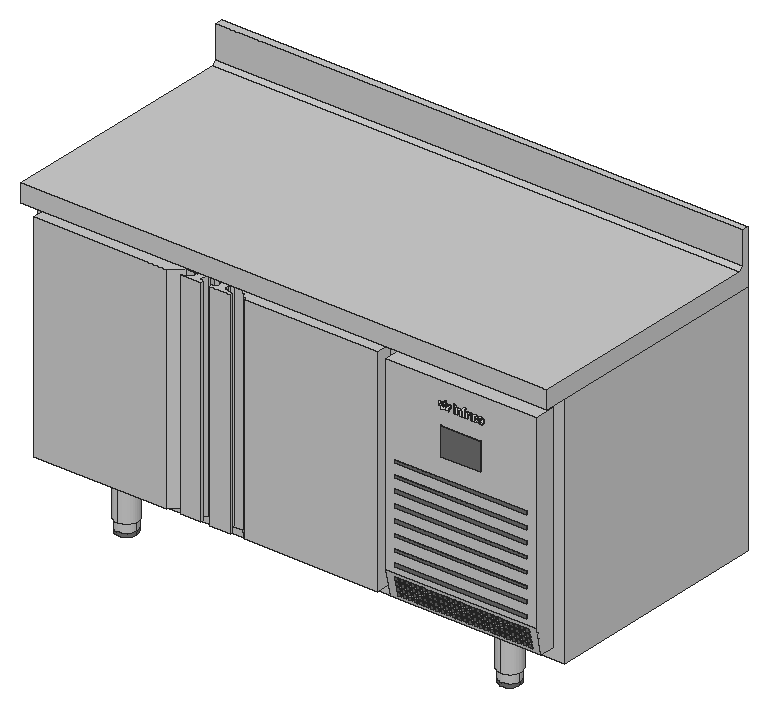
Revit family "QF_INFRICO_BMGN1470BT_250808110153", category Specialty Equipment, Revit 2021 (continued)
Definition of nested family "QF_INFRICO_LEGS_7240"
  Forms (mm)
    Extrusion 10, solid
      sketch origin (1560, 0, 0) x (1, 0, 0) y (0, 1, 0)
        loop
          circle (424.986, -618) r 28
      from 9 to 35
    Extrusion 11, solid
      sketch origin (1560, 0, 0) x (1, 0, 0) y (0, 1, 0)
        loop
          circle (424.986, -618) r 28.5
      from 0 to 9
    Sweep 12, solid
      path origin (2185, 0, 0) x (0, -1, 0) y (0, 0, 1)
        loop
          line (618, 35) -> (618, 137)
      profile origin (2185, -618, 86) x (0, 1, 0) y (-1, 0, 0)
        loop
          circle (0, 199.986) r 32
    Extrusion 13, solid
      sketch origin (1560, 500, 140) x (0, 1, 0) y (-1, 0, 0)
        loop
          line (-530, -379.986) -> (-630, -379.986) -> (-630, -469.986) -> (-530, -469.986) -> (-530, -379.986)
      from 0 to -3
    Extrusion 14, solid
      sketch origin (1560, 500, 0) x (1, 0, 0) y (0, 1, 0)
        loop
          circle (424.986, -580) r 28
      from 9 to 35
    Extrusion 15, solid
      sketch origin (1560, 500, 0) x (1, 0, 0) y (0, 1, 0)
        loop
          circle (424.986, -580) r 28.5
      from 0 to 9
    Sweep 16, solid
      path origin (2185, 0, 0) x (0, -1, 0) y (0, 0, 1)
        loop
          line (80, 35) -> (80, 137)
      profile origin (2185, -80, 86) x (0, 1, 0) y (-1, 0, 0)
        loop
          circle (0, 199.986) r 32
    Extrusion 17, solid, visible <- "CentralLegs"
      sketch origin (534.014, 0, 140) x (0, 1, 0) y (-1, 0, 0)
        loop
          line (-568, -513.486) -> (-668, -513.486) -> (-668, -603.486) -> (-568, -603.486) -> (-568, -513.486)
      from 0 to -3
    Extrusion 18, solid, visible <- "CentralLegs"
      sketch origin (534.014, 0, 0) x (1, 0, 0) y (0, 1, 0)
        loop
          circle (558.486, -618) r 28
      from 9 to 35
    Extrusion 19, solid, visible <- "CentralLegs"
      sketch origin (534.014, 0, 0) x (1, 0, 0) y (0, 1, 0)
        loop
          circle (558.486, -618) r 28.5
      from 0 to 9
    Sweep 20, solid, visible <- "CentralLegs"
      path origin (1092.5, 0, 0) x (0, -1, 0) y (0, 0, 1)
        loop
          line (618, 35) -> (618, 137)
      profile origin (1092.5, -618, 86) x (0, 1, 0) y (-1, 0, 0)
        loop
          circle (0, -0.014) r 32
    Extrusion 21, solid, visible <- "CentralLegs"
      sketch origin (534.014, 500, 140) x (0, 1, 0) y (-1, 0, 0)
        loop
          line (-530, -513.486) -> (-630, -513.486) -> (-630, -603.486) -> (-530, -603.486) -> (-530, -513.486)
      from 0 to -3
    Extrusion 22, solid, visible <- "CentralLegs"
      sketch origin (534.014, 500, 0) x (1, 0, 0) y (0, 1, 0)
        loop
          circle (558.486, -580) r 28
      from 9 to 35
    Extrusion 23, solid, visible <- "CentralLegs"
      sketch origin (534.014, 500, 0) x (1, 0, 0) y (0, 1, 0)
        loop
          circle (558.486, -580) r 28.5
      from 0 to 9
    Sweep 24, solid, visible <- "CentralLegs"
      path origin (1092.5, 0, 0) x (0, -1, 0) y (0, 0, 1)
        loop
          line (80, 35) -> (80, 137)
      profile origin (1092.5, -80, 86) x (0, 1, 0) y (-1, 0, 0)
        loop
          circle (0, -0.014) r 32
  Dimensions and locks
    "Length": plane 3 "Left" to plane 4 "Right"
    "Depth": plane 1 "Back" to plane 5 "Front"
    "Height": plane 6 "Top" to plane 2
    equal spacing: plane 3 "Left", plane 7 "Central", plane 4 "Right"
    locked: Sweep 20 sketch curve to profile plane at 0.014
    locked: Sweep 24 sketch curve to profile plane at 0.014
    aligned and locked: level to plane 2
  Automatic sketch dimensions
    plane 5 "Front" to Extrusion 1 sketch curve = 70 mm
    Extrusion 1 sketch curve to Extrusion 1 sketch curve = 100 mm
    plane 3 "Left" to Extrusion 1 sketch curve = 244.986 mm
    Extrusion 1 sketch curve to Extrusion 1 sketch curve = 90 mm
    plane 3 "Left" to Extrusion 2 sketch curve = 199.986 mm
    plane 5 "Front" to Extrusion 2 sketch curve = 120 mm
    plane 3 "Left" to Extrusion 3 sketch curve = 199.986 mm
    plane 5 "Front" to Extrusion 3 sketch curve = 120 mm
    Sweep 4 sketch curve to plane 6 "Top" = 3 mm
    plane 5 "Front" to Sweep 4 sketch curve = 120 mm
    level to Sweep 4 sketch curve = 35 mm
    Sweep 4 sketch curve to profile plane = 0 mm
    plane 3 "Left" to Sweep 4 sketch curve = 199.986 mm
    plane 1 "Back" to Extrusion 5 sketch curve = 130 mm
    plane 1 "Back" to Extrusion 5 sketch curve = 30 mm
    plane 3 "Left" to Extrusion 5 sketch curve = 244.986 mm
    Extrusion 5 sketch curve to Extrusion 5 sketch curve = 90 mm
    plane 1 "Back" to Extrusion 6 sketch curve = 80 mm
    plane 3 "Left" to Extrusion 6 sketch curve = 199.986 mm
    plane 1 "Back" to Extrusion 7 sketch curve = 80 mm
    plane 3 "Left" to Extrusion 7 sketch curve = 199.986 mm
    Sweep 8 sketch curve to plane 6 "Top" = 3 mm
    plane 1 "Back" to Sweep 8 sketch curve = 80 mm
    level to Sweep 8 sketch curve = 35 mm
    Sweep 8 sketch curve to profile plane = 0 mm
    plane 3 "Left" to Sweep 8 sketch curve = 199.986 mm
    plane 5 "Front" to Extrusion 9 sketch curve = 70 mm
    Extrusion 9 sketch curve to Extrusion 9 sketch curve = 100 mm
    plane 4 "Right" to Extrusion 9 sketch curve = 155.014 mm
    Extrusion 9 sketch curve to Extrusion 9 sketch curve = 90 mm
    plane 4 "Right" to Extrusion 10 sketch curve = 200.014 mm
    plane 5 "Front" to Extrusion 10 sketch curve = 120 mm
    plane 4 "Right" to Extrusion 11 sketch curve = 200.014 mm
    plane 5 "Front" to Extrusion 11 sketch curve = 120 mm
    Sweep 12 sketch curve to profile plane = 0 mm
    profile plane to Sweep 12 sketch curve = 199.986 mm
    plane 1 "Back" to Extrusion 13 sketch curve = 130 mm
    plane 1 "Back" to Extrusion 13 sketch curve = 30 mm
    plane 4 "Right" to Extrusion 13 sketch curve = 155.014 mm
    Extrusion 13 sketch curve to Extrusion 13 sketch curve = 90 mm
    plane 1 "Back" to Extrusion 14 sketch curve = 80 mm
    plane 4 "Right" to Extrusion 14 sketch curve = 200.014 mm
    plane 1 "Back" to Extrusion 15 sketch curve = 80 mm
    plane 4 "Right" to Extrusion 15 sketch curve = 200.014 mm
    Sweep 16 sketch curve to profile plane = 0 mm
    profile plane to Sweep 16 sketch curve = 199.986 mm
    plane 5 "Front" to Extrusion 17 sketch curve = 70 mm
    Extrusion 17 sketch curve to plane 7 "Central" = 45 mm
    Extrusion 17 sketch curve to Extrusion 17 sketch curve = 100 mm
    plane 7 "Central" to Extrusion 17 sketch curve = 45 mm
    Extrusion 18 sketch curve to plane 7 "Central" = 0 mm
    plane 5 "Front" to Extrusion 18 sketch curve = 120 mm
    Extrusion 19 sketch curve to plane 7 "Central" = 0 mm
    plane 5 "Front" to Extrusion 19 sketch curve = 120 mm
    Sweep 20 sketch curve to profile plane = 0 mm
    plane 7 "Central" to Extrusion 21 sketch curve = 45 mm
    plane 1 "Back" to Extrusion 21 sketch curve = 130 mm
    plane 1 "Back" to Extrusion 21 sketch curve = 30 mm
    Extrusion 21 sketch curve to plane 7 "Central" = 45 mm
    Extrusion 22 sketch curve to plane 7 "Central" = 0 mm
    plane 1 "Back" to Extrusion 22 sketch curve = 80 mm
    Extrusion 23 sketch curve to plane 7 "Central" = 0 mm
    plane 1 "Back" to Extrusion 23 sketch curve = 80 mm
    Sweep 24 sketch curve to profile plane = 0 mm
    Sweep 16 sketch curve to plane 6 "Top" = 3 mm
    plane 1 "Back" to Sweep 16 sketch curve = 80 mm
    level to Sweep 16 sketch curve = 35 mm
    Sweep 12 sketch curve to plane 6 "Top" = 3 mm
    plane 5 "Front" to Sweep 12 sketch curve = 120 mm
    level to Sweep 12 sketch curve = 35 mm
    Sweep 20 sketch curve to plane 6 "Top" = 3 mm
    plane 5 "Front" to Sweep 20 sketch curve = 120 mm
    level to Sweep 20 sketch curve = 35 mm
    Sweep 24 sketch curve to plane 6 "Top" = 3 mm
    plane 1 "Back" to Sweep 24 sketch curve = 80 mm
    level to Sweep 24 sketch curve = 35 mm
    radius of Extrusion 2 sketch curve = 28 mm
    radius of Extrusion 3 sketch curve = 28.5 mm
    radius of Sweep 4 sketch curve = 32 mm
    radius of Extrusion 6 sketch curve = 28 mm
    radius of Extrusion 7 sketch curve = 28.5 mm
    radius of Sweep 8 sketch curve = 32 mm
    radius of Extrusion 10 sketch curve = 28 mm
    radius of Extrusion 11 sketch curve = 28.5 mm
    radius of Sweep 12 sketch curve = 32 mm
    radius of Extrusion 14 sketch curve = 28 mm
    radius of Extrusion 15 sketch curve = 28.5 mm
    radius of Sweep 16 sketch curve = 32 mm
    radius of Extrusion 18 sketch curve = 28 mm
    radius of Extrusion 19 sketch curve = 28.5 mm
    radius of Sweep 20 sketch curve = 32 mm
    radius of Extrusion 22 sketch curve = 28 mm
    radius of Extrusion 23 sketch curve = 28.5 mm
    radius of Sweep 24 sketch curve = 32 mm
Definition of nested family "CONN_POINT_DRAIN_2D___Generic_Annotation"
  Parameters (values of type "CONN_POINT_DRAIN_2D___Generic_Annotation")
    Onboard connection annotation symbol visibility [instance] = yes
  Reference planes
    plane 1: y = 0
    plane 2: x = 0
  Lines and regions (mm)
    detail lines, visible <- "Onboard connection annotation symbol visibility"
      curve 1: circle (0, 0, 0) r 0.5 normal (0, 0, 1)
      curve 2: line (-1, 0, 0) -> (1, 0, 0)
      curve 3: line (0, 1, 0) -> (0, -1, 0)
      curve 4: line (1.776, 1, 0) -> (1.25, 1, 0)
      curve 5: line (1.25, 1, 0) -> (1.25, -1, 0)
      curve 6: line (1.25, -1, 0) -> (1.776, -1, 0)
      curve 7: arc (2.206, -0.862, 0) -> (2.459, -0.589, 0) -> (2.583, -0.238, 0) r 0.918
      curve 8: arc (2.583, 0.238, 0) -> (2.459, 0.589, 0) -> (2.206, 0.862, 0) r 0.918
      curve 9: arc (2.583, -0.238, 0) -> (2.599, 0, 0) -> (2.583, 0.238, 0) r 1.77
      curve 10: arc (2.206, 0.862, 0) -> (2.002, 0.965, 0) -> (1.776, 1, 0) r 0.741
      curve 11: arc (1.776, -1, 0) -> (2.002, -0.965, 0) -> (2.206, -0.862, 0) r 0.741
Definition of nested family "CONN_POINT_ELE_2D___Generic_Annotation"
  Parameters (values of type "CONN_POINT_ELE_2D___Generic_Annotation")
    Onboard connection annotation symbol visibility [instance] = yes
  Reference planes
    plane 1: y = 0
    plane 2: x = 0
  Lines and regions (mm)
    detail lines, visible <- "Onboard connection annotation symbol visibility"
      curve 1: circle (0, 0, 0) r 0.5 normal (0, 0, 1)
      curve 2: line (-1, 0, 0) -> (1, 0, 0)
      curve 3: line (0, 1, 0) -> (0, -1, 0)
      curve 4: line (2.5, 1, 0) -> (1.25, 1, 0)
      curve 5: line (1.25, 1, 0) -> (1.25, -1, 0)
      curve 6: line (1.25, -1, 0) -> (2.5, -1, 0)
      curve 7: line (1.25, 0, 0) -> (2, 0, 0)
